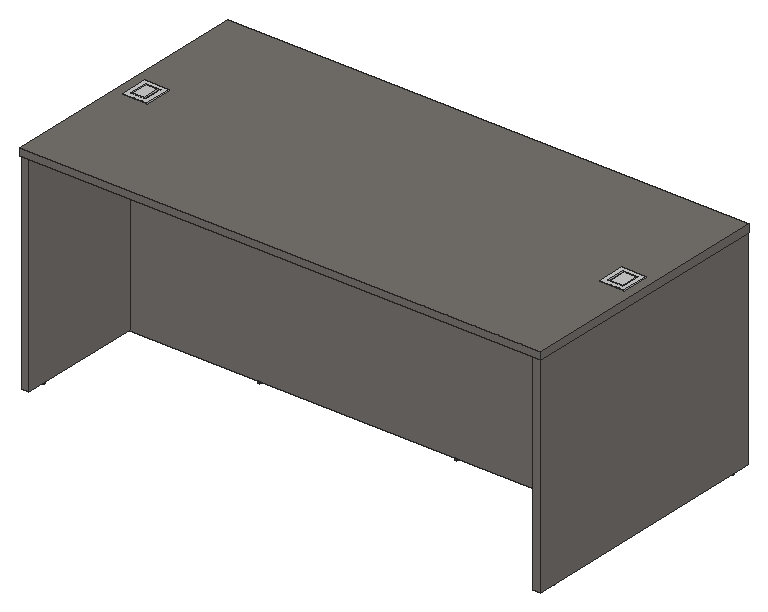
Revit family "revitupgrade", category Furniture, Revit 2018
Family settings
  Work Plane-Based = No
  Always vertical = Yes
  Cut with Voids When Loaded = No
  Shared = No
  Room Calculation Point = No
Parameters (values of type "48D x 40H - Power Cutout")
  Without Through 24'' D = no
  Width = 96.00"
  URL = "https://www.steelcase.com"
  Trough Void = 45.00"
  Top [instance] = Steelcase - 25L6 Blackwood LPL
  Symbol Name = "TS4TLP40A1,TS4TLP40A2,TS4TLP40A3,TS4TLP40A4"
  Style Number(s) = "TS4TLP40"
  Release Date = "April 2018"  # constant formula
  Product Line = "Turnstone"  # constant formula
  Product = "Campfire"  # constant formula
  Power Cutout = yes
  Opaque [instance] = yes
  Manufacturer = "Steelcase"  # constant formula
  With Trough = not(Trough Void = 45.00")  # no
  Height = 40.27"
  End Panel [instance] = Steelcase - 25L6 Blackwood LPL
  Description = ""
  Depth = 48.00"
  Copyright = "© 2010 Steelcase Inc."  # constant formula
  Center Rail = no
  Center Panel Height = 38.29"
  Without Trough 48'' D = yes
  Modesty Panel [instance] = Steelcase - 25L6 Blackwood LPL
  Center Panel Dist = 23.69495"
  AutoCAD Tag = "48/96"
  Authoring Version = "Revit 2016"  # constant formula
  Assembly Code = "E2020200"
Types (10): name | Without Through 24'' D | Trough Void | Symbol Name | Style Number(s) | Power Cutout | With Trough | Height | Depth | Center Rail | Center Panel Height | Without Trough 48'' D | Center Panel Dist | AutoCAD Tag
  48D x 40H - Power Cutout | no | 45.00" | "TS4TLP40A1,TS4TLP40A2,TS4TLP40A3,TS4TLP40A4" | "TS4TLP40" | yes | no | 40.27" | 48.00" | no | 38.29" | yes | 23.69495" | "48/96"
  48D x 28H - Power Cutout | no | 45.00" | "TS4TLP28A1,TS4TLP28A2,TS4TLP28A3,TS4TLP28A4" | "TS4TLP28" | yes | no | 28.00" | 48.00" | no | 26.29" | yes | 23.69495" | "48/96"
  24D x 40H | yes | 45.00" | "TS4TLH40A1,TS4TLH40A2,TS4TLH40A3,TS4TLH40A4" | "TS4TLH40" | no | no | 40.27" | 24.00" | no | 38.55" | no | 0.00" | "24/96"
  24D x 28H | yes | 45.00" | "TS4TLH28A1,TS4TLH28A2,TS4TLH28A3,TS4TLH28A4" | "TS4TLH28" | no | no | 28.00" | 24.00" | no | 26.29" | no | 0.00" | "24/96"
  48D x 28H - Through/Center Rail | no | 23.95" | "TS4TLT28A5,TS4TLT28A6,TS4TLT28A7,TS4TLT28A8" | "TS4TLT28" | yes | yes | 28.00" | 48.00" | yes | 26.29" | no | 23.69495" | "48/96"
  48D x 40H - Through/Center Rail | no | 35.95" | "TS4TLT40A5,TS4TLT40A6,TS4TLT40A7,TS4TLT40A8" | "TS4TLT40" | yes | yes | 40.00" | 48.3899" | yes | 38.29" | no | 23.69495" | "48/96"
  48D x 28H | no | 45.00" | "TS4TL2,TS4TL28A2,TS4TL28A3,TS4TL28A4" | "TS4TL28" | no | no | 28.00" | 48.00" | no | 26.29" | yes | 23.69495" | "48/96"
  48D x 28H - Through | no | 23.95" | "TS4TT2,TS4TLT28A2,TS4TLT28A3,TS4TLT28A4" | "TS4TLT28" | yes | yes | 28.00" | 48.00" | no | 26.29" | no | 23.69495" | "48/96"
  48D x 40H - Through | no | 35.95" | "TS4TT4,TS4TLT40A2,TS4TLT40A3,TS4TLT40A4" | "TS4TLT40" | yes | yes | 40.00" | 48.3899" | no | 38.29" | no | 23.69495" | "48/96"
  48D x 40H | no | 45.00" | "TS4TL4,TS4TL40A2,TS4TL40A3,TS4TL40A4" | "TS4TL40" | no | no | 40.27" | 48.00" | no | 38.56" | yes | 23.69495" | "48/96"
Reference planes (in)
  plane 1 "Center Front/Back": y = 0
  plane 2 "Bottom": z = 0
  plane 3 "Center Left/Right": x = 0
  plane 4: x = 96
  plane 5: z = 40.27
  plane 6: z = 38.8798
  plane 7: z = 0.3189
  plane 8: x = 1.5152
  plane 9: x = 0.125
  plane 10: x = 95.875
  plane 11: x = 94.4848
  plane 12: y = -0.125
  plane 13: y = -47.875
  plane 14: y = -48
  plane 15: y = -23.69495
  plane 16: y = -24.69495
  plane 17: y = -26.657
  plane 18: y = -27.657
  plane 19: y = -27.577
  plane 20: x = 85.4427
  plane 21: x = 73.4427
  plane 22: x = 64.4809
  plane 23: x = 52.4809
  plane 24: x = 43.5191
  plane 25: x = 31.5191
  plane 26: x = 22.5573
  plane 27: x = 10.5573
  plane 28: z = 37.3798
  plane 29: z = 38.7998
  plane 30: y = -21.343
  plane 31: y = -20.343
  plane 32: y = -20.423
  plane 33: z = 40.37
  plane 34: y = -21
  plane 35: y = -27
  plane 36: x = 7.89999
  plane 37: x = 88.10001
  plane 38: x = 7.99999
  plane 39: y = -26.98
  plane 40: y = -21.02
  plane 41: z = 39.97
  plane 42: z = 38.6089
  plane 43: z = 35.95
  plane 44: z = 36.065
  plane 45: z = 38.7598
  plane 46: y = -2.5
Forms (in)
  Extrusion 1, solid, material "Steelcase - 25L6 Blackwood LPL" <- "Top"
    sketch origin (0, 0, 0) x (1, 0, 0) y (0, 1, 0)
      loop
        line (0, -0.125) -> (0, -48) -> (96, -48) -> (96, -0.125) -> (0, -0.125)
    from 38.8798 to 40.27
  Extrusion 2, solid, material "Steelcase - 25L6 Blackwood LPL" <- "End Panel"
    sketch origin (0, 0, 0) x (1, 0, 0) y (0, 0, 1)
      loop
        line (0.125, 38.8798) -> (0.125, 0.3189) -> (1.5152, 0.3189) -> (1.5152, 38.8798) -> (0.125, 38.8798)
      loop
        line (94.4848, 38.8798) -> (94.4848, 0.3189) -> (95.875, 0.3189) -> (95.875, 38.8798) -> (94.4848, 38.8798)
    from 0 to 47.875
  Extrusion 3, solid, material "Steelcase - 6205 Black"
    sketch origin (0, 0, 0) x (1, 0, 0) y (0, 1, 0)
      loop
        line (1.01755, -2.625) -> (0.62255, -2.625) -> (0.2427, -3.125) -> (0.62255, -3.625) -> (1.01755, -3.625) -> (1.3974, -3.125) -> (1.01755, -2.625)
      loop
        line (1.01755, -43.62513) -> (0.62255, -43.62513) -> (0.2427, -44.12513) -> (0.62255, -44.62513) -> (1.01755, -44.62513) -> (1.3974, -44.12513) -> (1.01755, -43.62513)
      loop
        line (95.37745, -2.625) -> (94.98245, -2.625) -> (94.6026, -3.125) -> (94.98245, -3.625) -> (95.37745, -3.625) -> (95.7573, -3.125) -> (95.37745, -2.625)
      loop
        line (95.37745, -43.87487) -> (94.98245, -43.87487) -> (94.6026, -44.37487) -> (94.98245, -44.87487) -> (95.37745, -44.87487) -> (95.7573, -44.37487) -> (95.37745, -43.87487)
      loop
        line (25.55266, -23.69495) -> (25.19554, -23.69495) -> (24.79675, -24.21989) -> (25.15766, -24.69495) -> (25.59054, -24.69495) -> (25.95145, -24.21989) -> (25.55266, -23.69495)
      loop
        line (61.48554, -23.69495) -> (61.08675, -24.21989) -> (61.44766, -24.69495) -> (61.88054, -24.69495) -> (62.24145, -24.21989) -> (61.84266, -23.69495) -> (61.48554, -23.69495)
    from 0 to 0.32
  Extrusion 4, solid, material "Steelcase - 4799 Platinum Metallic", visible <- "Without Trough 48'' D"
    sketch origin (0, 0, 0) x (1, 0, 0) y (0, 0, 1)
      loop
        line (10.5573, 37.3798) -> (22.5573, 37.3798) -> (22.5573, 38.8798) -> (10.5573, 38.8798) -> (10.5573, 37.3798)
      loop
        line (31.5191, 37.3798) -> (43.5191, 37.3798) -> (43.5191, 38.8798) -> (31.5191, 38.8798) -> (31.5191, 37.3798)
      loop
        line (52.4809, 37.3798) -> (64.4809, 37.3798) -> (64.4809, 38.8798) -> (52.4809, 38.8798) -> (52.4809, 37.3798)
      loop
        line (73.4427, 37.3798) -> (85.4427, 37.3798) -> (85.4427, 38.8798) -> (73.4427, 38.8798) -> (73.4427, 37.3798)
    from 27.577 to 27.657
  Extrusion 5, solid, material "Steelcase - 4799 Platinum Metallic", visible <- "Without Trough 48'' D"
    sketch origin (0, 0, 0) x (1, 0, 0) y (0, 1, 0)
      loop
        line (10.5573, -26.657) -> (10.5573, -27.577) -> (22.5573, -27.577) -> (22.5573, -26.657) -> (10.5573, -26.657)
      loop
        line (31.5191, -26.657) -> (31.5191, -27.577) -> (43.5191, -27.577) -> (43.5191, -26.657) -> (31.5191, -26.657)
      loop
        line (52.4809, -26.657) -> (52.4809, -27.577) -> (64.4809, -27.577) -> (64.4809, -26.657) -> (52.4809, -26.657)
      loop
        line (73.4427, -26.657) -> (73.4427, -27.577) -> (85.4427, -27.577) -> (85.4427, -26.657) -> (73.4427, -26.657)
    from 38.7998 to 38.8798
  Extrusion 6, solid, material "Steelcase - 4799 Platinum Metallic", visible <- "Without Trough 48'' D"
    sketch origin (0, -48, 0) x (1, 0, 0) y (0, 1, 0)
      loop
        line (10.5573, 26.657) -> (22.5573, 26.657) -> (22.5573, 27.577) -> (10.5573, 27.577) -> (10.5573, 26.657)
      loop
        line (31.5191, 26.657) -> (43.5191, 26.657) -> (43.5191, 27.577) -> (31.5191, 27.577) -> (31.5191, 26.657)
      loop
        line (52.4809, 26.657) -> (64.4809, 26.657) -> (64.4809, 27.577) -> (52.4809, 27.577) -> (52.4809, 26.657)
      loop
        line (73.4427, 26.657) -> (85.4427, 26.657) -> (85.4427, 27.577) -> (73.4427, 27.577) -> (73.4427, 26.657)
    from 38.7998 to 38.8798
  Extrusion 7, solid, material "Steelcase - 4799 Platinum Metallic", visible <- "Without Trough 48'' D"
    sketch origin (0, -47.99716, -4.5) x (1, 0, 0) y (0, 0, -1)
      loop
        line (10.5573, -41.8798) -> (10.5573, -43.3798) -> (22.5573, -43.3798) -> (22.5573, -41.8798) -> (10.5573, -41.8798)
      loop
        line (31.5191, -41.8798) -> (31.5191, -43.3798) -> (43.5191, -43.3798) -> (43.5191, -41.8798) -> (31.5191, -41.8798)
      loop
        line (52.4809, -41.8798) -> (52.4809, -43.3798) -> (64.4809, -43.3798) -> (64.4809, -41.8798) -> (52.4809, -41.8798)
      loop
        line (73.4427, -41.8798) -> (73.4427, -43.3798) -> (85.4427, -43.3798) -> (85.4427, -41.8798) -> (73.4427, -41.8798)
    from 27.57416 to 27.65416
  Extrusion 8, void, detail levels fine
    sketch origin (0, 0, 0) x (1, 0, 0) y (0, 1, 0)
      loop
        line (0, -21) -> (0, -27) -> (96, -27) -> (96, -21) -> (0, -21)
    from 45 <- "Trough Void" to 40.27
  Extrusion 9, solid, material "Steelcase - 4799 Platinum Metallic", visible <- "With Trough"
    sketch origin (88.10001, -20.02, 48) x (0, -1, 0) y (0, 0, 1)
      loop
        line (-1.02, -12.05) -> (8.98, -12.05) -> (8.98, -9.2402) -> (9.98, -9.2402) -> (9.98, -9.1202) -> (8.865, -9.1202) -> (8.865, -11.935) -> (-0.905, -11.935) -> (-0.905, -9.1202) -> (-2.02, -9.1202) -> (-2.02, -9.2402) -> (-1.02, -9.2402) -> (-1.02, -12.05)
    from 0 to 80.20001
  Extrusion 10, solid, material "Steelcase - 8043 Clear Anodized Aluminum", visible <- "With Trough"
    sketch origin (0, 0, 0) x (1, 0, 0) y (0, 1, 0)
      loop
        line (0, -21.02) -> (0, -26.98) -> (7.99999, -26.98) -> (7.99999, -21.02) -> (0, -21.02)
      loop
        line (1.8, -21.5) -> (1.8, -26.5) -> (6.22, -26.5) -> (6.22, -21.5) -> (1.8, -21.5)
      loop
        line (96, -21.02) -> (88.00001, -21.02) -> (88.00001, -26.98) -> (96, -26.98) -> (96, -21.02)
      loop
        line (94.2, -21.5) -> (89.78, -21.5) -> (89.78, -26.5) -> (94.2, -26.5) -> (94.2, -21.5)
    from 38.8798 to 40.27
  Extrusion 11, solid, material "Steelcase - 8043 Clear Anodized Aluminum", visible <- "Power Cutout"
    sketch origin (0, 0, 0) x (1, 0, 0) y (0, 1, 0)
      loop
        line (1.8, -21.5) -> (1.8, -26.5) -> (6.22, -26.5) -> (6.22, -21.5) -> (1.8, -21.5)
      loop
        line (2.60001, -22.3) -> (2.60001, -25.7) -> (5.41999, -25.7) -> (5.41999, -22.3) -> (2.60001, -22.3)
      loop
        line (2.74999, -22.35) -> (2.74999, -25.65) -> (4.92, -25.65) -> (4.92, -22.35) -> (2.74999, -22.35)
      loop
        line (94.19999, -21.5) -> (89.77999, -21.5) -> (89.77999, -26.5) -> (94.19999, -26.5) -> (94.19999, -21.5)
      loop
        line (93.39998, -22.3) -> (90.58, -22.3) -> (90.58, -25.7) -> (93.39998, -25.7) -> (93.39998, -22.3)
      loop
        line (93.25, -22.35) -> (91.07999, -22.35) -> (91.07999, -25.65) -> (93.25, -25.65) -> (93.25, -22.35)
    from 39.97 to 40.37
  Extrusion 12, solid, material "Steelcase - 25L6 Blackwood LPL" <- "Modesty Panel"
    sketch origin (0, 0, 0) x (1, 0, 0) y (0, 1, 0)
      loop
        line (1.5152, -23.69495) -> (1.5152, -24.69495) -> (94.4848, -24.69495) -> (94.4848, -23.69495) -> (1.5152, -23.69495)
    from 0.3189 to 38.6089
  Extrusion 13, solid, material "Steelcase - 8043 Clear Anodized Aluminum", visible <- "With Trough"
    sketch origin (0, 0, 0) x (1, 0, 0) y (0, 1, 0)
      loop
        line (7.89999, -21.02) -> (7.89999, -26.98) -> (7.99999, -26.98) -> (7.99999, -21.02) -> (7.89999, -21.02)
      loop
        line (88.00001, -21) -> (88.00001, -27) -> (88.10001, -27) -> (88.10001, -21) -> (88.00001, -21)
    from 35.95 to 38.8798
  Extrusion 14, solid, material "Steelcase - 4799 Platinum Metallic", visible <- "Without Through 24'' D"
    sketch origin (0, 0, 0) x (1, 0, 0) y (0, 1, 0)
      loop
        line (10.5573, -2.5) -> (10.5573, -3.5499) -> (22.5573, -3.5499) -> (22.5573, -2.5) -> (10.5573, -2.5)
    from 38.7998 to 38.8798
  Extrusion 15, solid, material "Steelcase - 4799 Platinum Metallic", visible <- "Without Through 24'' D"
    sketch origin (0, 0, 0) x (0, 1, 0) y (0, 0, 1)
      loop
        line (-3.5499, 38.8798) -> (-3.60399, 38.8798) -> (-3.60399, 37.3798) -> (-3.5499, 37.3798) -> (-3.5499, 38.8798)
    from 10.5573 to 22.5573
  Extrusion 16, solid, material "Steelcase - 4799 Platinum Metallic", visible <- "Without Through 24'' D"
    sketch origin (20.9618, 0, 0) x (1, 0, 0) y (0, 1, 0)
      loop
        line (10.5573, -2.5) -> (10.5573, -3.5499) -> (22.5573, -3.5499) -> (22.5573, -2.5) -> (10.5573, -2.5)
    from 38.7998 to 38.6089
  Extrusion 17, solid, material "Steelcase - 4799 Platinum Metallic", visible <- "Without Through 24'' D"
    sketch origin (41.9236, 0, 0) x (1, 0, 0) y (0, 1, 0)
      loop
        line (10.5573, -2.5) -> (10.5573, -3.5499) -> (22.5573, -3.5499) -> (22.5573, -2.5) -> (10.5573, -2.5)
    from 38.7998 to 38.6089
  Extrusion 18, solid, material "Steelcase - 4799 Platinum Metallic", visible <- "Without Through 24'' D"
    sketch origin (62.8854, 0, 0) x (1, 0, 0) y (0, 1, 0)
      loop
        line (10.5573, -2.5) -> (10.5573, -3.5499) -> (22.5573, -3.5499) -> (22.5573, -2.5) -> (10.5573, -2.5)
    from 38.7998 to 38.6089
  Extrusion 19, solid, material "Steelcase - 4799 Platinum Metallic", visible <- "Without Through 24'' D"
    sketch origin (0, 0, 0) x (0, 1, 0) y (0, 0, 1)
      loop
        line (-3.5499, 38.8798) -> (-3.60399, 38.8798) -> (-3.60399, 37.3798) -> (-3.5499, 37.3798) -> (-3.5499, 38.8798)
    from 31.5191 to 43.5191
  Extrusion 20, solid, material "Steelcase - 4799 Platinum Metallic", visible <- "Without Through 24'' D"
    sketch origin (0, 0, 0) x (0, 1, 0) y (0, 0, 1)
      loop
        line (-3.5499, 38.8798) -> (-3.60399, 38.8798) -> (-3.60399, 37.3798) -> (-3.5499, 37.3798) -> (-3.5499, 38.8798)
    from 52.4809 to 64.4809
  Extrusion 21, solid, material "Steelcase - 4799 Platinum Metallic", visible <- "Without Through 24'' D"
    sketch origin (0, 0, 0) x (0, 1, 0) y (0, 0, 1)
      loop
        line (-3.5499, 38.8798) -> (-3.60399, 38.8798) -> (-3.60399, 37.3798) -> (-3.5499, 37.3798) -> (-3.5499, 38.8798)
    from 73.4427 to 85.4427
Cuts and joins
  Extrusion 8 cuts Extrusion 3
  Extrusion 8 cuts Extrusion 1
  joined: Extrusion 10, Extrusion 13
  Extrusion 8 cuts Extrusion 12
Lines and regions (in)
  Masking region 1, visible <- "Opaque"
    outline origin (0, 0, 0) x (1, 0, 0) y (0, 1, 0)
      loop
        line (96, 0) -> (0, 0) -> (0, -48) -> (96, -48) -> (96, 0)
  symbolic lines, style "Steelcase Hidden Lines", detail levels medium+fine
    curve 1: line (1.5152, -0.125, 0) -> (1.5152, -47.875, 0)
    curve 2: line (0.125, -47.875, 0) -> (0.125, -0.125, 0)
    curve 3: line (0.125, -0.125, 0) -> (1.5152, -0.125, 0)
    curve 4: line (1.5152, -47.875, 0) -> (0.125, -47.875, 0)
    curve 5: line (94.4848, 0, 0) -> (1.5152, 0, 0)
    curve 6: line (94.4848, -47.875, 0) -> (94.4848, -0.125, 0)
    curve 7: line (95.875, -0.125, 0) -> (95.875, -47.875, 0)
    curve 8: line (95.875, -47.875, 0) -> (94.4848, -47.875, 0)
    curve 9: line (94.4848, -0.125, 0) -> (95.875, -0.125, 0)
  symbolic lines, style "Steelcase Furniture", visible <- "With Trough", detail levels medium+fine
    curve 10: line (0, -21, 0) -> (96, -21, 0)
    curve 11: line (0, -27, 0) -> (96, -27, 0)
    curve 12: line (8, -21.02, 0) -> (0, -21.02, 0)
    curve 13: line (8, -26.98, 0) -> (8, -21.02, 0)
    curve 14: line (0, -26.98, 0) -> (8, -26.98, 0)
    curve 15: line (88, -21.02, 0) -> (88, -26.98, 0)
    curve 16: line (96, -21.02, 0) -> (88, -21.02, 0)
    curve 17: line (88, -26.98, 0) -> (96, -26.98, 0)
  symbolic lines, style "Steelcase Hidden Lines", visible <- "Without Trough 48'' D", detail levels medium+fine
    curve 18: line (31.5191, -27.657, 0) -> (43.5191, -27.657, 0)
    curve 19: line (43.5191, -26.657, 0) -> (31.5191, -26.657, 0)
    curve 20: line (31.5191, -26.657, 0) -> (31.5191, -27.657, 0)
    curve 21: line (43.5191, -27.657, 0) -> (43.5191, -26.657, 0)
    curve 22: line (10.5573, -27.657, 0) -> (22.5573, -27.657, 0)
    curve 23: line (22.5573, -26.657, 0) -> (10.5573, -26.657, 0)
    curve 24: line (10.5573, -26.657, 0) -> (10.5573, -27.657, 0)
    curve 25: line (22.5573, -27.657, 0) -> (22.5573, -26.657, 0)
    curve 26: line (10.5573, -21.343, 0) -> (22.5573, -21.343, 0)
    curve 27: line (22.5573, -20.343, 0) -> (10.5573, -20.343, 0)
    curve 28: line (10.5573, -20.343, 0) -> (10.5573, -21.343, 0)
    curve 29: line (22.5573, -21.343, 0) -> (22.5573, -20.343, 0)
    curve 30: line (31.5191, -21.343, 0) -> (43.5191, -21.343, 0)
    curve 31: line (43.5191, -20.343, 0) -> (31.5191, -20.343, 0)
    curve 32: line (31.5191, -20.343, 0) -> (31.5191, -21.343, 0)
    curve 33: line (43.5191, -21.343, 0) -> (43.5191, -20.343, 0)
    curve 34: line (52.4809, -21.343, 0) -> (64.4809, -21.343, 0)
    curve 35: line (64.4809, -20.343, 0) -> (52.4809, -20.343, 0)
    curve 36: line (52.4809, -20.343, 0) -> (52.4809, -21.343, 0)
    curve 37: line (64.4809, -21.343, 0) -> (64.4809, -20.343, 0)
    curve 38: line (52.4809, -27.657, 0) -> (64.4809, -27.657, 0)
    curve 39: line (64.4809, -26.657, 0) -> (52.4809, -26.657, 0)
    curve 40: line (52.4809, -26.657, 0) -> (52.4809, -27.657, 0)
    curve 41: line (64.4809, -27.657, 0) -> (64.4809, -26.657, 0)
    curve 42: line (73.4427, -21.343, 0) -> (85.4427, -21.343, 0)
    curve 43: line (85.4427, -20.343, 0) -> (73.4427, -20.343, 0)
    curve 44: line (73.4427, -20.343, 0) -> (73.4427, -21.343, 0)
    curve 45: line (85.4427, -21.343, 0) -> (85.4427, -20.343, 0)
    curve 46: line (73.4427, -27.657, 0) -> (85.4427, -27.657, 0)
    curve 47: line (85.4427, -26.657, 0) -> (73.4427, -26.657, 0)
    curve 48: line (73.4427, -26.657, 0) -> (73.4427, -27.657, 0)
    curve 49: line (85.4427, -27.657, 0) -> (85.4427, -26.657, 0)
  symbolic lines, style "Steelcase Furniture"
    curve 50: line (0, 0, 0) -> (96, 0, 0)
    curve 51: line (0, -48, 0) -> (0, 0, 0)
    curve 52: line (96, -48, 0) -> (0, -48, 0)
    curve 53: line (96, 0, 0) -> (96, -48, 0)
  symbolic lines, style "Steelcase Hidden Lines", visible <- "Without Through 24'' D"
    curve 54: line (10.5573, -2.5, 0) -> (10.5573, -3.60399, 0)
    curve 55: line (10.5573, -3.60399, 0) -> (22.5573, -3.60399, 0)
    curve 56: line (22.5573, -2.5, 0) -> (10.5573, -2.5, 0)
    curve 57: line (22.5573, -3.60399, 0) -> (22.5573, -2.5, 0)
    curve 58: line (31.5191, -2.5, 0) -> (31.5191, -3.60399, 0)
    curve 59: line (31.5191, -3.60399, 0) -> (43.5191, -3.60399, 0)
    curve 60: line (43.5191, -2.5, 0) -> (31.5191, -2.5, 0)
    curve 61: line (43.5191, -3.60399, 0) -> (43.5191, -2.5, 0)
    curve 62: line (64.4809, -3.60399, 0) -> (64.4809, -2.5, 0)
    curve 63: line (64.4809, -2.5, 0) -> (52.4809, -2.5, 0)
    curve 64: line (52.4809, -3.60399, 0) -> (64.4809, -3.60399, 0)
    curve 65: line (52.4809, -2.5, 0) -> (52.4809, -3.60399, 0)
    curve 66: line (73.4427, -2.5, 0) -> (73.4427, -3.60399, 0)
    curve 67: line (85.4427, -2.5, 0) -> (73.4427, -2.5, 0)
    curve 68: line (85.4427, -3.60399, 0) -> (85.4427, -2.5, 0)
    curve 69: line (73.4427, -3.60399, 0) -> (85.4427, -3.60399, 0)
  symbolic lines, style "Steelcase Furniture", visible <- "Power Cutout"
    curve 70: line (1.8, -21.5, 0) -> (6.22, -21.5, 0)
    curve 71: line (1.8, -26.5, 0) -> (1.8, -21.5, 0)
    curve 72: line (6.22, -26.5, 0) -> (1.8, -26.5, 0)
    curve 73: line (6.22, -21.5, 0) -> (6.22, -26.5, 0)
    curve 74: line (89.78, -21.5, 0) -> (94.19999, -21.5, 0)
    curve 75: line (89.78, -26.5, 0) -> (89.78, -21.5, 0)
    curve 76: line (94.19999, -26.5, 0) -> (89.78, -26.5, 0)
    curve 77: line (94.19999, -21.5, 0) -> (94.19999, -26.5, 0)
  symbolic lines, style "Steelcase Hidden Lines"
    curve 78: line (94.4848, -24.69495, 0) -> (1.5152, -24.69495, 0)
    curve 79: line (94.4848, -23.69495, 0) -> (94.4848, -24.69495, 0)
    curve 80: line (1.5152, -23.69495, 0) -> (94.4848, -23.69495, 0)
    curve 81: line (1.5152, -24.69495, 0) -> (1.5152, -23.69495, 0)
Dimensions and locks (in)
  plane 3 "Center Left/Right" to plane 9 to plane 8 = 0.125" locked, 1.3902" locked
  plane 11 to plane 10 to plane 4 = 1.3902" locked, 0.125" locked
  locked: plane 12 to plane 1 "Center Front/Back" at 0.125
  locked: plane 14 to plane 13 at 0.125
  plane 30 to plane 32 to plane 31 = 0.92" locked, 0.08" locked
  plane 17 to plane 19 to plane 18 = 0.92" locked, 0.08" locked
  "Center Panel Height": plane 42 to plane 7
  "Height": plane 5 to plane 2 "Bottom"
  locked: plane 7 to plane 2 "Bottom" at 0.3189
  plane 33 to plane 5 to plane 41 to plane 6 to plane 29 to plane 45 to plane 28 to plane 44 to plane 43 = 0.10" locked, 0.30" locked, 1.0902" locked, 0.08" locked, 0.04" locked, 1.38" locked, 1.3148" locked, 0.115"
  "Width": plane 3 "Center Left/Right" to plane 4
  "Depth": plane 14 to plane 1 "Center Front/Back"
  locked: plane 15 to plane 16 at 1
  "Center Panel Dist": plane 1 "Center Front/Back" to plane 15
  plane 46 to plane 1 "Center Front/Back" = 2.50"
  aligned and locked: level to plane 2 "Bottom"
  aligned and locked: plane 5 to Extrusion 1
  aligned and locked: Extrusion 1 to plane 6
  aligned and locked: Extrusion 2 to plane 1 "Center Front/Back"
  aligned and locked: Extrusion 1 to plane 12
  aligned and locked: plane 13 to Extrusion 2
  aligned and locked: plane 14 to Extrusion 1
  aligned and locked: Extrusion 3 to plane 2 "Bottom"
  aligned and locked: Extrusion 4 to plane 18
  aligned and locked: plane 19 to Extrusion 4
  aligned and locked: plane 29 to Extrusion 5
  aligned and locked: plane 6 to Extrusion 5
  aligned and locked: Extrusion 6 to plane 32  (x4)
  aligned and locked: Extrusion 7 to plane 31
  aligned and locked: Extrusion 7 to plane 32
  aligned and locked: plane 30 to Extrusion 6  (x2)
  aligned and locked: Extrusion 6 to plane 30  (x2)
  aligned and locked: plane 6 to Extrusion 7
  aligned and locked: Extrusion 7 to plane 28
  aligned and locked: Extrusion 7 to plane 6  (x3)
  aligned and locked: plane 28 to Extrusion 7  (x3)
  aligned and locked: Extrusion 6 to plane 29
  aligned and locked: Extrusion 6 to plane 6
  aligned and locked: Extrusion 1 to Extrusion 8
  aligned and locked: plane 36 to Extrusion 9
  aligned and locked: Extrusion 10 to plane 5
  aligned and locked: Extrusion 10 to plane 6
  aligned and locked: plane 33 to Extrusion 11
  aligned and locked: Extrusion 11 to plane 41
  aligned and locked: plane 8 to Extrusion 12
  aligned and locked: Extrusion 12 to plane 11
  aligned and locked: Extrusion 12 to plane 7
  aligned and locked: Extrusion 12 to plane 42
  aligned and locked: plane 38 to Extrusion 13 sketch curve
  aligned and locked: Extrusion 13 sketch curve to plane 36
  aligned and locked: plane 40 to Extrusion 13 sketch curve
  aligned and locked: Extrusion 13 sketch curve to plane 39
  aligned and locked: plane 43 to Extrusion 13
  aligned and locked: plane 6 to Extrusion 13
  aligned and locked: Masking region 1 sketch curve to plane 1 "Center Front/Back"
  aligned and locked: plane 14 to Masking region 1 sketch curve
  aligned and locked: Masking region 1 sketch curve to plane 3 "Center Left/Right"
  aligned and locked: Masking region 1 sketch curve to plane 4
  aligned and locked: plane 15 to Extrusion 12
  aligned and locked: Extrusion 12 to plane 16
  aligned and locked: Extrusion 12 sketch curve to plane 15
  aligned and locked: plane 16 to Extrusion 12 sketch curve
  aligned and locked: plane 44 to nested 1
  aligned and locked: Extrusion 14 to cut or joined group of Extrusion 1, Extrusion 8
  aligned and locked: Extrusion 14 to plane 29
  aligned and locked: cut or joined group of Extrusion 1, Extrusion 8 to Extrusion 15 sketch curve
  aligned and locked: plane 28 to Extrusion 15 sketch curve
  aligned and locked: Extrusion 15 to Extrusion 14
  aligned and locked: Extrusion 15 to plane 27
  aligned and locked: plane 26 to Extrusion 15
  aligned and locked: Extrusion 16 to plane 29
  aligned and locked: Extrusion 17 to plane 29
  aligned and locked: Extrusion 18 to plane 29
  aligned and locked: Extrusion 16 to plane 42
  aligned and locked: Extrusion 17 to plane 42
  aligned and locked: Extrusion 18 to plane 42
  aligned and locked: curve 54 to Extrusion 14
  aligned and locked: curve 55 to Extrusion 15
  aligned and locked: curve 56 to Extrusion 14
  aligned and locked: curve 57 to Extrusion 14
  aligned and locked: curve 58 to Extrusion 16
  aligned and locked: curve 59 to Extrusion 19
  aligned and locked: curve 60 to Extrusion 16
  aligned and locked: curve 61 to Extrusion 16
  aligned and locked: curve 62 to Extrusion 17
  aligned and locked: curve 63 to Extrusion 17
  aligned and locked: curve 64 to Extrusion 20
  aligned and locked: curve 65 to Extrusion 17
  aligned and locked: curve 66 to Extrusion 18
  aligned and locked: curve 67 to Extrusion 18
  aligned and locked: curve 68 to Extrusion 18
  aligned and locked: curve 69 to Extrusion 21
  aligned and locked: Extrusion 3 sketch curve to plane 15
  aligned and locked: Extrusion 3 sketch curve to plane 16
  aligned and locked: curve 70 to Extrusion 11
  aligned and locked: curve 71 to Extrusion 11
  aligned and locked: curve 72 to Extrusion 11
  aligned and locked: curve 73 to Extrusion 11
  aligned and locked: curve 74 to cut or joined group of Extrusion 10, Extrusion 13
  aligned and locked: curve 75 to cut or joined group of Extrusion 10, Extrusion 13
  aligned and locked: curve 76 to Extrusion 11
  aligned and locked: curve 77 to Extrusion 11
  aligned and locked: curve 78 to cut or joined group of Extrusion 8, Extrusion 12
  aligned and locked: curve 79 to curve 6
  aligned and locked: curve 80 to plane 15
Automatic sketch dimensions
  Extrusion 1 sketch curve to plane 3 "Center Left/Right" = 0.00"
  Extrusion 1 sketch curve to plane 4 = 0.00"
  plane 14 to Extrusion 1 sketch curve = 0.00"
  plane 12 to Extrusion 1 sketch curve = 0.00"
  Extrusion 2 sketch curve to plane 7 = 0.00"  (x2)
  plane 9 to Extrusion 2 sketch curve = 0.00"
  plane 8 to Extrusion 2 sketch curve = 0.00"
  Extrusion 2 sketch curve to plane 6 = 0.00"  (x2)
  plane 11 to Extrusion 2 sketch curve = 0.00"
  plane 10 to Extrusion 2 sketch curve = 0.00"
  Extrusion 4 sketch curve to plane 6 = 0.00"  (x4)
  plane 27 to Extrusion 4 sketch curve = 0.00"
  plane 26 to Extrusion 4 sketch curve = 0.00"
  plane 25 to Extrusion 4 sketch curve = 0.00"
  plane 24 to Extrusion 4 sketch curve = 0.00"
  plane 23 to Extrusion 4 sketch curve = 0.00"
  plane 22 to Extrusion 4 sketch curve = 0.00"
  plane 21 to Extrusion 4 sketch curve = 0.00"
  plane 20 to Extrusion 4 sketch curve = 0.00"
  Extrusion 4 sketch curve to plane 28 = 0.00"  (x4)
  Extrusion 5 sketch curve to plane 19 = 0.00"  (x4)
  Extrusion 5 sketch curve to plane 27 = 0.00"
  Extrusion 5 sketch curve to plane 26 = 0.00"
  Extrusion 5 sketch curve to plane 17 = 0.00"  (x4)
  Extrusion 5 sketch curve to plane 25 = 0.00"
  Extrusion 5 sketch curve to plane 24 = 0.00"
  Extrusion 5 sketch curve to plane 23 = 0.00"
  Extrusion 5 sketch curve to plane 22 = 0.00"
  Extrusion 5 sketch curve to plane 21 = 0.00"
  Extrusion 5 sketch curve to plane 20 = 0.00"
  Extrusion 6 sketch curve to plane 27 = 0.00"
  Extrusion 6 sketch curve to plane 26 = 0.00"
  Extrusion 6 sketch curve to plane 25 = 0.00"
  Extrusion 6 sketch curve to plane 24 = 0.00"
  Extrusion 6 sketch curve to plane 23 = 0.00"
  Extrusion 6 sketch curve to plane 22 = 0.00"
  Extrusion 6 sketch curve to plane 21 = 0.00"
  Extrusion 6 sketch curve to plane 20 = 0.00"
  plane 32 to Extrusion 6 sketch curve = 0.00"  (x3)
  Extrusion 6 sketch curve to plane 32 = 0.00"
  plane 30 to Extrusion 6 sketch curve = 0.00"  (x4)
  Extrusion 7 sketch curve to plane 6 = 0.00"  (x4)
  plane 27 to Extrusion 7 sketch curve = 0.00"
  plane 26 to Extrusion 7 sketch curve = 0.00"
  plane 25 to Extrusion 7 sketch curve = 0.00"
  plane 24 to Extrusion 7 sketch curve = 0.00"
  plane 23 to Extrusion 7 sketch curve = 0.00"
  plane 22 to Extrusion 7 sketch curve = 0.00"
  plane 21 to Extrusion 7 sketch curve = 0.00"
  plane 20 to Extrusion 7 sketch curve = 0.00"
  Extrusion 7 sketch curve to plane 28 = 0.00"  (x4)
  Extrusion 8 sketch curve to plane 3 "Center Left/Right" = 0.00"
  Extrusion 8 sketch curve to plane 4 = 0.00"
  plane 35 to Extrusion 8 sketch curve = 0.00"
  plane 34 to Extrusion 8 sketch curve = 0.00"
  Extrusion 9 sketch curve to plane 6 = 0.00"  (x2)
  plane 45 to Extrusion 9 sketch curve = 0.00"  (x2)
  plane 43 to Extrusion 9 sketch curve = 0.00"
  plane 44 to Extrusion 9 sketch curve = 0.00"
  Extrusion 9 sketch curve to plane 31 = 2.343"
  Extrusion 9 sketch curve to Extrusion 9 sketch curve = 1.00"  (x2)
  Extrusion 9 sketch curve to Extrusion 9 sketch curve = 0.115"  (x2)
  Extrusion 9 sketch curve to plane 18 = 1.228"
  Extrusion 10 sketch curve to plane 3 "Center Left/Right" = 0.00"
  Extrusion 10 sketch curve to plane 38 = 0.00"
  plane 40 to Extrusion 10 sketch curve = 0.00"  (x2)
  plane 39 to Extrusion 10 sketch curve = 0.00"  (x2)
  Extrusion 10 sketch curve to plane 4 = 0.00"
  Extrusion 10 sketch curve to plane 8 = 0.2848"
  plane 30 to Extrusion 10 sketch curve = 0.157"  (x2)
  plane 36 to Extrusion 10 sketch curve = 1.67999"
  plane 37 to Extrusion 10 sketch curve = 0.10"
  Extrusion 10 sketch curve to plane 37 = 1.67999"
  plane 11 to Extrusion 10 sketch curve = 0.2848"
  plane 17 to Extrusion 10 sketch curve = 0.157"  (x2)
  Extrusion 11 sketch curve to plane 8 = 0.2848"
  Extrusion 11 sketch curve to plane 8 = 1.08481"
  Extrusion 11 sketch curve to Extrusion 11 sketch curve = 0.14999"  (x2)
  plane 17 to Extrusion 11 sketch curve = 1.007"  (x2)
  Extrusion 11 sketch curve to Extrusion 11 sketch curve = 2.17001"
  Extrusion 11 sketch curve to Extrusion 11 sketch curve = 0.49999"  (x2)
  plane 30 to Extrusion 11 sketch curve = 0.157"  (x2)
  Extrusion 11 sketch curve to Extrusion 11 sketch curve = 0.80001"  (x2)
  Extrusion 11 sketch curve to plane 37 = 1.67998"
  plane 11 to Extrusion 11 sketch curve = 1.2348"
  plane 11 to Extrusion 11 sketch curve = 0.28481"
  Extrusion 11 sketch curve to Extrusion 11 sketch curve = 0.05"  (x4)
  plane 17 to Extrusion 11 sketch curve = 0.157"  (x2)
  plane 30 to Extrusion 11 sketch curve = 1.007"  (x2)
  Extrusion 12 sketch curve to plane 8 = 0.00"
  Extrusion 12 sketch curve to plane 11 = 0.00"
  plane 34 to Extrusion 13 sketch curve = 0.00"
  plane 35 to Extrusion 13 sketch curve = 0.00"
  Extrusion 13 sketch curve to plane 37 = 0.00"
  plane 37 to Extrusion 13 sketch curve = 0.10"
  Extrusion 14 sketch curve to plane 27 = 0.00"
  Extrusion 14 sketch curve to plane 26 = 0.00"
  plane 46 to Extrusion 14 sketch curve = 0.00"
  plane 46 to Extrusion 14 sketch curve = 1.0499"
  plane 46 to Extrusion 15 sketch curve = 1.10399"
  Extrusion 15 sketch curve to Extrusion 15 sketch curve = 0.05409"
  Extrusion 16 sketch curve to plane 25 = 0.00"
  Extrusion 16 sketch curve to plane 24 = 0.00"
  plane 46 to Extrusion 16 sketch curve = 0.00"
  Extrusion 16 sketch curve to Extrusion 16 sketch curve = 1.0499"
  Extrusion 17 sketch curve to plane 23 = 0.00"
  Extrusion 17 sketch curve to plane 22 = 0.00"
  plane 46 to Extrusion 17 sketch curve = 0.00"
  Extrusion 17 sketch curve to Extrusion 17 sketch curve = 1.0499"
  Extrusion 18 sketch curve to plane 21 = 0.00"
  Extrusion 18 sketch curve to plane 20 = 0.00"
  plane 46 to Extrusion 18 sketch curve = 0.00"
  Extrusion 18 sketch curve to Extrusion 18 sketch curve = 1.0499"
  plane 6 to Extrusion 19 sketch curve = 0.00"
  Extrusion 19 sketch curve to plane 28 = 0.00"
  plane 46 to Extrusion 19 sketch curve = 1.10399"
  Extrusion 19 sketch curve to Extrusion 19 sketch curve = 0.05409"
  plane 6 to Extrusion 20 sketch curve = 0.00"
  Extrusion 20 sketch curve to plane 28 = 0.00"
  plane 46 to Extrusion 20 sketch curve = 1.10399"
  Extrusion 20 sketch curve to Extrusion 20 sketch curve = 0.05409"
  plane 6 to Extrusion 21 sketch curve = 0.00"
  Extrusion 21 sketch curve to plane 28 = 0.00"
  plane 46 to Extrusion 21 sketch curve = 1.10399"
  Extrusion 21 sketch curve to Extrusion 21 sketch curve = 0.05409"
  Extrusion 3 sketch curve to plane 16 = 0.00"
  Extrusion 3 sketch curve to plane 15 = 0.00"
  Extrusion 3 sketch curve to plane 9 = 0.1177"  (x2)
  plane 46 to Extrusion 3 sketch curve = 0.125"  (x2)
  Extrusion 3 sketch curve to plane 9 = 0.49755"  (x4)
  Extrusion 3 sketch curve to Extrusion 3 sketch curve = 0.395"  (x8)
  plane 8 to Extrusion 3 sketch curve = 0.1178"  (x2)
  plane 16 to Extrusion 3 sketch curve = 0.47506"  (x4)
  Extrusion 3 sketch curve to plane 26 = 2.23945"
  Extrusion 3 sketch curve to Extrusion 3 sketch curve = 0.36091"  (x4)
  Extrusion 3 sketch curve to Extrusion 3 sketch curve = 0.39879"  (x2)
  Extrusion 3 sketch curve to Extrusion 3 sketch curve = 0.35711"  (x2)
  Extrusion 3 sketch curve to Extrusion 3 sketch curve = 0.43289"  (x2)
  plane 22 to Extrusion 3 sketch curve = 3.39415"
  Extrusion 3 sketch curve to plane 11 = 0.1178"  (x2)
  Extrusion 3 sketch curve to plane 11 = 0.49765"  (x4)
  plane 10 to Extrusion 3 sketch curve = 0.1177"  (x2)
  Extrusion 3 sketch curve to plane 13 = 4.24987"
  Extrusion 3 sketch curve to plane 13 = 4.00013"
  Extrusion 3 sketch curve to Extrusion 3 sketch curve = 0.50"  (x6)
  Extrusion 3 sketch curve to Extrusion 3 sketch curve = 1.00"  (x2)
  plane 46 to Extrusion 3 sketch curve = 0.625"  (x4)
  curve 11 to plane 3 "Center Left/Right" = 0.00"
  curve 28 to plane 27 = 0.00"
  curve 24 to plane 27 = 0.00"
  curve 23 to plane 17 = 0.00"
  curve 23 to plane 26 = 0.00"
  curve 29 to plane 26 = 0.00"
  curve 20 to plane 17 = 0.00"
  curve 40 to plane 17 = 0.00"
  curve 48 to plane 17 = 0.00"
  curve 17 to plane 4 = 0.00"
  plane 14 to curve 51 = 0.00"
  plane 35 to curve 11 = 0.00"
  plane 34 to curve 10 = 0.00"
  plane 1 "Center Front/Back" to curve 50 = 0.00"
  plane 9 to curve 3 = 0.00"
  plane 8 to curve 78 = 0.00"
  plane 8 to curve 3 = 0.00"
  plane 39 to curve 13 = 0.00"
  curve 13 to plane 38 = 0.00"
  plane 25 to curve 20 = 0.00"
  plane 25 to curve 30 = 0.00"
  plane 24 to curve 31 = 0.00"
  plane 24 to curve 21 = 0.00"
  curve 34 to plane 23 = 0.00"
  curve 40 to plane 23 = 0.00"
  curve 37 to plane 22 = 0.00"
  curve 39 to plane 22 = 0.00"
  curve 46 to plane 21 = 0.00"
  plane 31 to curve 44 = 0.00"
  curve 44 to plane 21 = 0.00"
  curve 46 to plane 20 = 0.00"
  curve 43 to plane 20 = 0.00"
  curve 16 to plane 40 = 0.00"
  plane 37 to curve 16 = 0.10001"
  plane 12 to curve 6 = 0.00"
  plane 11 to curve 6 = 0.00001"
  plane 10 to curve 7 = 0.00001"
  plane 13 to curve 2 = 0.00"
  plane 13 to curve 8 = 0.00"
  curve 49 to plane 18 = 0.00"
  curve 41 to plane 18 = 0.00"
  curve 25 to plane 18 = 0.00"
  curve 21 to plane 18 = 0.00"
  plane 39 to curve 17 = 0.00"
  plane 30 to curve 34 = 0.00"
  plane 30 to curve 32 = 0.00"
  plane 30 to curve 26 = 0.00"
  plane 30 to curve 42 = 0.00"
  curve 13 to plane 40 = 0.00"
  plane 31 to curve 31 = 0.00"
  plane 31 to curve 27 = 0.00"
  plane 31 to curve 37 = 0.00"
  plane 12 to curve 2 = 0.00"
  plane 1 "Center Front/Back" to curve 5 = 0.00"
Nested families (in)
  nested 1: "Steelcase Turnstone - Campfire - Center Rail" at (48, -24, 11.79), visible <- "Center Rail", type "Steelcase Turnstone - Campfire - Center Rail"
Definition of nested family "Steelcase Turnstone - Campfire - Center Rail"
  Parameters (values of type "Steelcase Turnstone - Campfire - Center Rail")
    URL = "https://www.steelcase.com"
    Symbol Name = "TS4TRL"
    Style Number(s) = "TS4TRAIL"
    Release Date = ""  # constant formula
    Product Line = "Campfire"  # constant formula
    Product = "Table"  # constant formula
    Opaque [instance] = yes
    Manufacturer = "Steelcase"  # constant formula
    Description = ""
    Copyright = "© 2010 Steelcase Inc."  # constant formula
    AutoCAD Tag = "RC"
    Authoring Version = ""  # constant formula
    Assembly Code = ""
  Reference planes (in)
    plane 1 "Center Front/Back": y = 0
    plane 2 "Bottom": z = 0
    plane 3 "Center Left/Right": x = 0
    plane 4: x = -39.93
    plane 5: x = 39.93001
  Forms (in)
    Extrusion 1, solid
      sketch origin (39.93001, -0.7875, 48) x (0, -1, 0) y (0, 0, 1)
        loop
          line (-2.426, -23.145) -> (-2.426, -23.725) -> (-0.7875, -23.725) -> (0.851, -23.725) -> (0.851, -23.145) -> (0, -23.145) -> (0, -21.785) -> (-0.1, -21.785) -> (-0.1, -22.085) -> (-0.35, -22.085) -> (-0.35, -19.39) -> (-0.595, -19.39) -> (-0.595, -19.54) -> (-0.45, -19.54) -> (-0.45, -19.69) -> (-0.623, -19.78988) -> (-0.658, -19.78988) -> (-0.658, -19.87988) -> (-0.7875, -19.87988) -> (-0.917, -19.87988) -> (-0.917, -19.78988) -> (-0.952, -19.78988) -> (-1.125, -19.69) -> (-1.125, -19.54) -> (-0.98, -19.54) -> (-0.98, -19.39) -> (-1.225, -19.39) -> (-1.225, -22.085) -> (-1.475, -22.085) -> (-1.475, -21.785) -> (-1.575, -21.785) -> (-1.575, -23.145) -> (-2.426, -23.145)
      from 0 to 79.86001
  Lines and regions (in)
    Masking region 1, visible <- "Opaque"
      outline origin (180, 0, 0) x (1, 0, 0) y (0, 1, 0)
        loop
          line (-219.93, 1.6385) -> (-219.93, -1.6385) -> (-140.07, -1.6385) -> (-140.07, 1.6385) -> (-219.93, 1.6385)
    symbolic lines, detail levels medium+fine
      curve 1: line (-39.93, 1.6385, 0) -> (39.93, 1.6385, 0)
      curve 2: line (-39.93, -1.6385, 0) -> (-39.93, 1.6385, 0)
      curve 3: line (39.93, -1.6385, 0) -> (-39.93, -1.6385, 0)
      curve 4: line (39.93, 1.6385, 0) -> (39.93, -1.6385, 0)
  Dimensions and locks (in)
    aligned and locked: level to plane 2 "Bottom"
    aligned and locked: plane 4 to Extrusion 1
    aligned and locked: Extrusion 1 to plane 5
